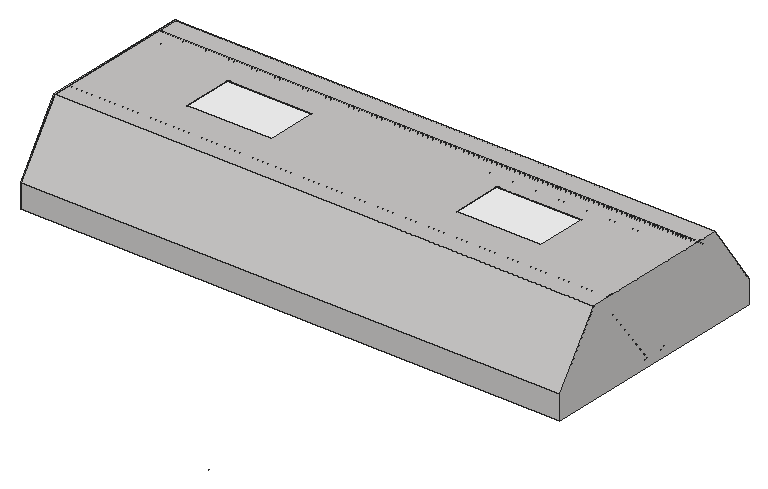
Revit family "QF_ELECTROLUXPROFESSIONAL_642350_BC1432DT", category Attrezzature speciali, Revit 2021
Family settings
  Quota connettore circolare = Usa diametro
  Tipo di parte = Normale
  Basato su piano di lavoro = No
  Sempre verticale = Sì
  Taglio con vuoti quando caricato = No
  Condiviso = No
  Punto di calcolo locali = No
Parameters (values of type "Standard")
  Weight = 94.00 kg
  Watts = 0 W
  Volts = 0 V
  URL Manufacturer = "https://www.electroluxprofessional.com/"
  URL = "https://www.electroluxprofessional.com/"
  Steam Supply Size = 0 mm
  Steam Supply Minimum Pressure = 0.0 Pa
  Steam Supply Maximum Pressure = 0.0 Pa
  Steam Consumption per Hour = 0
  Refrigeration Suction Line Size = 0 mm
  Refrigeration Liquid Line Size = 0 mm
  Refrigerant Compressor Remote = yes
  Prospetto di default = 0 mm
  Produttore = "Electrolux Professional"
  Phase = 0
  Modello = "BC1432DT"
  Length Actual = 3200 mm  # constant formula
  Item Number = "642350"
  Hot Water Size = 0 mm
  Height Actual = 500 mm  # constant formula
  HP = "0 HP"
  Gas Size = 0 mm
  Gas KW = 0
  Gas Input Pressure = 0 W
  Direct Waste Size = 0 mm
  Descrizione = "304 S/S ISLAND HOOD+FILTERS 3200X1400MM"
  Depth Actual = 1400 mm  # constant formula
  Cycle = 0 Hz
  Condensate Return Size = 0 mm
  Compressed Air Volume = 0.0 L/s
  Compressed Air Size = 0 mm
  Compressed Air Pressure = 0.0 Pa
  Cold Water Size = 0 mm
  Accessory = yes
Reference planes
  plane 1: z = 0
  plane 2 "Center (Left/Right)": x = 150
  plane 3 "LEFT": x = -1450
  plane 4 "RIGHT": x = 1750
  plane 5 "BACK": y = 550
  plane 6 "TOP": z = 2500
  plane 7 "Base": z = 2000
  plane 8: z = 1946
  plane 9: x = -1447
  plane 10 "DrainX": x = 1599
  plane 11 "AOLeft2": x = -400
  plane 12 "AORight1": x = 700
  plane 13: x = 1747
  plane 14: x = -1250
  plane 15: x = 1550
  plane 16: x = 50
  plane 17: x = 250
  plane 18 "AOLeft1": x = -900
  plane 19 "AORight2": x = 1200
  plane 20: y = 0
  plane 21: y = -300
  plane 22 "Center (Front/Back)": y = -150
  plane 23: y = -850
  plane 24: through (0, -201.379, 2046.209) normal (0, 0.8019, 0.5974)
  plane 25: through (0, -98.621, 2046.209) normal (0, 0.8019, -0.5974)
  plane 26: z = 2140
Forms (mm)
  Extrusion 1, solid, material "QF_Finishes_Stainless Steel"
    sketch origin (-1450, 0, 360) x (0, 1, 0) y (0, 0, 1)
      loop
        line (550, 1640) -> (550, 1780) -> (299.446, 2140) -> (-599.446, 2140) -> (-850, 1780) -> (-850, 1640) -> (550, 1640)
    from 0 to 3
  Extrusion 2, solid, material "QF_Finishes_Stainless Steel"
    sketch origin (1750, 0, 360) x (0, 1, 0) y (0, 0, 1)
      loop
        line (550, 1640) -> (550, 1780) -> (299.446, 2140) -> (-599.446, 2140) -> (-850, 1780) -> (-850, 1640) -> (550, 1640)
    from 0 to -3
  Extrusion 3, solid, material "QF_Finishes_Stainless Steel"
    sketch origin (150, 0, 360) x (0, 1, 0) y (0, 0, 1)
      loop
        line (-599.446, 2140) -> (-850, 1780) -> (-850, 1640) -> (-840, 1640) -> (-840, 1640.8) -> (-849.2, 1640.8) -> (-849.2, 1779.739) -> (-599.025, 2139.19) -> (299.025, 2139.19) -> (549.2, 1779.739) -> (549.2, 1640.8) -> (540, 1640.8) -> (540, 1640) -> (550, 1640) -> (550, 1780) -> (299.446, 2140) -> (-599.446, 2140)
    from -1600 to 1600
  Extrusion 4, void
    sketch origin (0, 0, 2500) x (0, 1, 0) y (-1, 0, 0)
      loop
        line (0, 400) -> (0, 900) -> (-300, 900) -> (-300, 400) -> (0, 400)
    from 0 to -10
  Extrusion 5, solid, material "QF_Finishes_Stainless Steel"
    sketch origin (0, 0, 0) x (1, 0, 0) y (0, 1, 0)
      loop
        line (-1450, 550) -> (-1450, 549) -> (-1449, 549) -> (-1449, 550) -> (-1450, 550)
    from 0 to 1
  Extrusion 6, solid, material "QF_Finishes_Stainless Steel"
    sketch origin (150, -400, 360) x (0, 1, 0) y (0, 0, 1)
      loop
        line (-98.883, 2085.553) -> (198.621, 1686.209) -> (214.66, 1698.157) -> (-82.844, 2097.501) -> (-98.883, 2085.553)
      loop
        line (598.883, 2085.553) -> (582.844, 2097.501) -> (285.34, 1698.157) -> (301.379, 1686.209) -> (598.883, 2085.553)
    from -1400 to -1597
  Extrusion 7, solid, material "QF_Finishes_Stainless Steel"
    sketch origin (150, -400, 360) x (0, 1, 0) y (0, 0, 1)
      loop
        arc (316.056, 1704.554) -> (315.455, 1704.706) -> (314.923, 1704.389) r 0.81
        line (314.923, 1704.389) -> (300.465, 1684.991) -> (283.389, 1687.002) -> (286.391, 1712.615) -> (285.593, 1712.708) -> (282.594, 1687.095)
        arc (282.594, 1687.095) -> (282.763, 1686.499) -> (283.305, 1686.197) r 0.81
        line (283.305, 1686.197) -> (300.372, 1684.196)
        arc (300.372, 1684.196) -> (300.787, 1684.257) -> (301.116, 1684.517) r 0.81
        line (301.116, 1684.517) -> (315.564, 1703.911) -> (326.308, 1695.919) -> (300.145, 1660.79) -> (199.855, 1660.79) -> (173.692, 1695.919) -> (184.436, 1703.911) -> (198.884, 1684.517)
        arc (198.884, 1684.517) -> (199.213, 1684.257) -> (199.628, 1684.196) r 0.81
        line (199.628, 1684.196) -> (216.695, 1686.197)
        arc (216.695, 1686.197) -> (217.237, 1686.499) -> (217.406, 1687.095) r 0.81
        line (217.406, 1687.095) -> (214.407, 1712.708) -> (213.609, 1712.615) -> (216.611, 1687.002) -> (199.535, 1684.991) -> (185.077, 1704.389)
        arc (185.077, 1704.389) -> (184.545, 1704.706) -> (183.944, 1704.554) r 0.81
        line (183.944, 1704.554) -> (173.214, 1696.561)
        arc (173.214, 1696.561) -> (172.897, 1696.028) -> (173.049, 1695.427) r 0.81
        line (173.049, 1695.427) -> (199.157, 1660.381)
        arc (199.157, 1660.381) -> (199.5, 1660.093) -> (199.937, 1659.99) r 0.972
        line (199.937, 1659.99) -> (300.049, 1659.99)
        arc (300.049, 1659.99) -> (300.498, 1660.096) -> (300.851, 1660.393) r 1
        line (300.851, 1660.393) -> (326.951, 1695.427)
        arc (326.951, 1695.427) -> (327.103, 1696.028) -> (326.786, 1696.561) r 0.81
        line (326.786, 1696.561) -> (316.056, 1704.554)
      loop
        line (-92.735, 2139.19) -> (-92.735, 2129.205) -> (-117.587, 2110.686)
        arc (-117.587, 2110.686) -> (-117.904, 2110.153) -> (-117.752, 2109.552) r 0.81
        line (-117.752, 2109.552) -> (-84.894, 2065.446) -> (-95.625, 2057.438) -> (-95.147, 2056.796) -> (-84.418, 2064.79)
        arc (-84.418, 2064.79) -> (-84.1, 2065.322) -> (-84.252, 2065.923) r 0.81
        line (-84.252, 2065.923) -> (-117.117, 2110.038) -> (-91.935, 2128.798) -> (-91.935, 2138.4) -> (-62.776, 2138.4) -> (-62.776, 2070.563) -> (-61.976, 2069.49) -> (-61.976, 2139.19) -> (-92.735, 2139.19)
      loop
        line (592.735, 2139.19) -> (561.976, 2139.19) -> (561.976, 2069.49) -> (562.776, 2070.563) -> (562.776, 2138.4) -> (591.935, 2138.4) -> (591.935, 2128.798) -> (617.117, 2110.038) -> (584.252, 2065.923)
        arc (584.252, 2065.923) -> (584.1, 2065.322) -> (584.418, 2064.79) r 0.81
        line (584.418, 2064.79) -> (595.147, 2056.796) -> (595.625, 2057.438) -> (584.894, 2065.446) -> (617.752, 2109.552)
        arc (617.752, 2109.552) -> (617.904, 2110.153) -> (617.587, 2110.686) r 0.81
        line (617.587, 2110.686) -> (592.735, 2129.205) -> (592.735, 2139.19)
    from -1597 to 1597
  Extrusion 8, solid, material "QF_Finishes_Stainless Steel"
    sketch origin (150, -400, 360) x (0, 1, 0) y (0, 0, 1)
      loop
        line (-98.883, 2085.553) -> (198.621, 1686.209) -> (214.66, 1698.157) -> (-82.844, 2097.501) -> (-98.883, 2085.553)
      loop
        line (598.883, 2085.553) -> (582.844, 2097.501) -> (285.34, 1698.157) -> (301.379, 1686.209) -> (598.883, 2085.553)
    from 1597 to 1400
  Extrusion 9, solid, material "QF_Finishes_Stainless Steel"
    sketch origin (150, -400, 360) x (0, 1, 0) y (0, 0, 1)
      loop
        line (-98.883, 2085.553) -> (198.621, 1686.209) -> (214.66, 1698.157) -> (-82.844, 2097.501) -> (-98.883, 2085.553)
      loop
        line (598.883, 2085.553) -> (582.844, 2097.501) -> (285.34, 1698.157) -> (301.379, 1686.209) -> (598.883, 2085.553)
    from -100 to 100
  Extrusion 10, solid, material "QF_Finished_Chrome"
    sketch origin (150, -400, 360) x (0, 1, 0) y (0, 0, 1)
      loop
        line (-98.883, 2085.553) -> (198.621, 1686.209) -> (214.66, 1698.157) -> (-82.844, 2097.501) -> (-98.883, 2085.553)
      loop
        line (598.883, 2085.553) -> (582.844, 2097.501) -> (285.34, 1698.157) -> (301.379, 1686.209) -> (598.883, 2085.553)
    from -1400 to -100
  Extrusion 11, solid, material "QF_Finished_Chrome"
    sketch origin (150, -400, 360) x (0, 1, 0) y (0, 0, 1)
      loop
        line (-98.883, 2085.553) -> (198.621, 1686.209) -> (214.66, 1698.157) -> (-82.844, 2097.501) -> (-98.883, 2085.553)
      loop
        line (598.883, 2085.553) -> (582.844, 2097.501) -> (285.34, 1698.157) -> (301.379, 1686.209) -> (598.883, 2085.553)
    from 100 to 1400
  Sweep 12, solid, material "QF_Finishes_Stainless Steel"
    path origin (0, 0, 0) x (1, 0, 0) y (0, 1, 0)
      loop
        line (1750, 550) -> (-1450, 550) -> (-1450, -850) -> (1750, -850) -> (1750, 550)
    profile origin (1750, -150, 0) x (1, 0, 0) y (0, 0, 1)
      loop
        line (-3, 2000) -> (-3, 2000.8) -> (-19, 2000.8) -> (-19, 2010) -> (-20, 2010) -> (-20, 2000) -> (-3, 2000)
  Extrusion 13, void
    sketch origin (0, 0, 2500) x (0, 1, 0) y (-1, 0, 0)
      loop
        line (0, -1200) -> (0, -700) -> (-300, -700) -> (-300, -1200) -> (0, -1200)
    from 0 to -10
  Extrusion 14, solid, material "QF_Finishes_Stainless Steel"
    sketch origin (1599, 0, 0) x (0, 1, 0) y (0, 0, 1)
      loop
        arc (-118.5, 1946) -> (-111.429, 1948.929) -> (-108.5, 1956) r 10
        line (-108.5, 1956) -> (-108.5, 2000.8) -> (-191.5, 2000.8) -> (-191.5, 1956)
        arc (-191.5, 1956) -> (-188.571, 1948.929) -> (-181.5, 1946) r 10
        line (-181.5, 1946) -> (-118.5, 1946)
    from -90 to 90
  Extrusion 15, solid, material "QF_Finishes_Stainless Steel"
    sketch origin (0, -1100, 2000) x (0, 1, 0) y (-1, 0, 0)
      loop
        circle (950, -1599) r 6.35
    from -3.799 to 0
Cuts and joins
  Extrusion 4, Extrusion 13 cuts Extrusion 3
  joined: Extrusion 2, Extrusion 3, Sweep 12
Lines and regions (mm)
  symbolic lines, style "SpecialityEquipment", detail levels coarse
    curve 1: line (1750, 550, 2500) -> (-1450, 550, 2500)
    curve 2: line (-1450, 550, 2500) -> (-1450, -850, 2500)
    curve 3: line (1750, -850, 2500) -> (1750, 550, 2500)
    curve 4: line (-1450, 299.446, 0) -> (1750, -599.446, 0)
    curve 5: line (1750, 299.446, 0) -> (-1450.605, -599.446, 0)
  symbolic lines, detail levels coarse
    curve 6: line (-900, -300, 0) -> (-400, -300, 0)
    curve 7: line (-900, 0, 0) -> (-900, -300, 0)
    curve 8: line (-400, 0, 0) -> (-900, 0, 0)
    curve 9: line (-400, -300, 0) -> (-400, 0, 0)
    curve 10: line (700, 0, 0) -> (700, -300, 0)
    curve 11: line (1200, 0, 0) -> (700, 0, 0)
    curve 12: line (1200, -300, 0) -> (1200, 0, 0)
    curve 13: line (700, -300, 0) -> (1200, -300, 0)
    curve 14: line (-1450.605, -599.446, 0) -> (1750, -599.446, 0)
    curve 15: line (1750, 299.446, 0) -> (-1450, 299.446, 0)
    curve 16: line (-1450, -850, 0) -> (1750, -850, 0)
Dimensions and locks
  plane 3 "LEFT" to plane 4 "RIGHT" = 3200 mm
  equal spacing: plane 3 "LEFT", plane 2 "Center (Left/Right)", plane 4 "RIGHT"
  plane 3 "LEFT" to plane 9 = 3 mm
  plane 10 "DrainX" to plane 4 "RIGHT" = 151 mm
  plane 13 to plane 4 "RIGHT" = 3 mm
  plane 3 "LEFT" to plane 14 = 200 mm
  plane 15 to plane 4 "RIGHT" = 200 mm
  locked: plane 11 "AOLeft2" to plane 12 "AORight1" at 1100
  equal spacing: plane 11 "AOLeft2", plane 2 "Center (Left/Right)", plane 12 "AORight1"
  locked: plane 7 "Base" to level at 2000
  locked: plane 16 to plane 17 at 200
  equal spacing: plane 16, plane 2 "Center (Left/Right)", plane 17
  plane 18 "AOLeft1" to plane 11 "AOLeft2" = 500 mm
  plane 12 "AORight1" to plane 19 "AORight2" = 500 mm
  plane 7 "Base" to plane 8 = 54 mm
  locked: plane 6 "TOP" to plane 7 "Base" at 500
  plane 5 "BACK" to plane 23 = 1400 mm  (x2)
  equal spacing: plane 5 "BACK", plane 22 "Center (Front/Back)", plane 23
  plane 21 to plane 20 = 300 mm
  equal spacing: plane 21, plane 22 "Center (Front/Back)", plane 20
  plane 26 to plane 7 "Base" = 140 mm
  aligned and locked: level to plane 1
  aligned and locked: plane 4 "RIGHT" to Extrusion 3
  aligned and locked: Extrusion 3 to plane 3 "LEFT"
  aligned and locked: Extrusion 6 to plane 9
  aligned and locked: plane 14 to Extrusion 6
  aligned and locked: Extrusion 2 to plane 13
  aligned and locked: plane 13 to Extrusion 8
  aligned and locked: Extrusion 8 to plane 15
  aligned and locked: plane 17 to Extrusion 9
  aligned and locked: Extrusion 9 to plane 16
  aligned and locked: plane 16 to Extrusion 10
  aligned and locked: Extrusion 10 to plane 14
  aligned and locked: Extrusion 11 to plane 17
  aligned and locked: Extrusion 11 to plane 15
  aligned and locked: Extrusion 7 to plane 9
  aligned and locked: plane 13 to Extrusion 7
  aligned and locked: Extrusion 4 to plane 18 "AOLeft1"
  aligned and locked: Extrusion 4 to plane 11 "AOLeft2"
  aligned and locked: plane 12 "AORight1" to Extrusion 13
  aligned and locked: plane 19 "AORight2" to Extrusion 13
  aligned and locked: plane 21 to Extrusion 13
  aligned and locked: plane 21 to Extrusion 4
  aligned and locked: plane 20 to Extrusion 13
  aligned and locked: plane 20 to Extrusion 4
  aligned and locked: curve 6 to Extrusion 4
  aligned and locked: curve 7 to Extrusion 4
  aligned and locked: curve 8 to Extrusion 4
  aligned and locked: curve 9 to Extrusion 4
  aligned and locked: curve 10 to Extrusion 13
  aligned and locked: curve 11 to Extrusion 13
  aligned and locked: curve 12 to Extrusion 13
  aligned and locked: curve 13 to Extrusion 13
Automatic sketch dimensions
  Extrusion 4 sketch curve to plane 11 "AOLeft2" = 0 mm
  Extrusion 4 sketch curve to plane 18 "AOLeft1" = 0 mm
  Extrusion 5 sketch curve to plane 3 "LEFT" = 0 mm
  Extrusion 5 sketch curve to plane 5 "BACK" = 0 mm
  plane 3 "LEFT" to Extrusion 5 sketch curve = 1 mm
  Extrusion 5 sketch curve to Extrusion 5 sketch curve = 1 mm
  Sweep 12 sketch curve to plane 3 "LEFT" = 0 mm
  Sweep 12 sketch curve to plane 4 "RIGHT" = 0 mm
  Sweep 12 sketch curve to plane 5 "BACK" = 0 mm
  profile plane to Sweep 12 sketch curve = 20 mm
  Sweep 12 sketch curve to Sweep 12 sketch curve = 1 mm
  profile plane to Sweep 12 sketch curve = 3 mm
  level to Sweep 12 sketch curve = 2000 mm
  Sweep 12 sketch curve to Sweep 12 sketch curve = 0.8 mm
  Sweep 12 sketch curve to Sweep 12 sketch curve = 9.2 mm
  Extrusion 13 sketch curve to plane 11 "AOLeft2" = 1600 mm
  plane 18 "AOLeft1" to Extrusion 13 sketch curve = 1600 mm
  Extrusion 13 sketch curve to Extrusion 13 sketch curve = 300 mm
  Extrusion 13 sketch curve to plane 20 = 0 mm
  plane 21 to Sweep 12 sketch curve = 550 mm
  plane 21 to Extrusion 4 sketch curve = 0 mm
  Extrusion 4 sketch curve to plane 20 = 0 mm
  Extrusion 15 sketch curve to plane 10 "DrainX" = 0 mm
  Extrusion 15 sketch curve to plane 22 "Center (Front/Back)" = 0 mm
  Extrusion 14 sketch curve to plane 8 = 0 mm
  plane 8 to Extrusion 14 sketch curve = 10 mm
  Extrusion 14 sketch curve to plane 22 "Center (Front/Back)" = 41.5 mm
  plane 22 "Center (Front/Back)" to Extrusion 14 sketch curve = 31.5 mm
  plane 7 "Base" to Extrusion 14 sketch curve = 0.8 mm
  plane 22 "Center (Front/Back)" to Extrusion 14 sketch curve = 41.5 mm
  plane 21 to Extrusion 6 sketch curve = 198.883 mm
  Extrusion 6 sketch curve to plane 6 "TOP" = 42.499 mm  (x2)
  Extrusion 6 sketch curve to Extrusion 6 sketch curve = 16.039 mm  (x2)
  Extrusion 6 sketch curve to plane 22 "Center (Front/Back)" = 51.379 mm
  plane 22 "Center (Front/Back)" to Extrusion 6 sketch curve = 35.34 mm
  plane 20 to Extrusion 6 sketch curve = 182.844 mm
  Extrusion 6 sketch curve to Extrusion 6 sketch curve = 11.948 mm  (x2)
  Extrusion 7 sketch curve to plane 6 "TOP" = 30.448 mm  (x2)
  plane 21 to Extrusion 7 sketch curve = 217.752 mm
  Extrusion 7 sketch curve to plane 6 "TOP" = 29.314 mm  (x2)
  Extrusion 7 sketch curve to Extrusion 7 sketch curve = 0.166 mm  (x3)
  Extrusion 7 sketch curve to plane 6 "TOP" = 29.962 mm  (x2)
  Extrusion 7 sketch curve to Extrusion 7 sketch curve = 0.47 mm  (x2)
  Extrusion 7 sketch curve to Extrusion 7 sketch curve = 0.014 mm  (x2)
  Extrusion 7 sketch curve to plane 6 "TOP" = 82.562 mm  (x2)
  Extrusion 7 sketch curve to Extrusion 7 sketch curve = 22.127 mm
  Extrusion 7 sketch curve to plane 6 "TOP" = 83.204 mm  (x2)
  Extrusion 7 sketch curve to Extrusion 7 sketch curve = 0.478 mm  (x5)
  Extrusion 7 sketch curve to plane 6 "TOP" = 0.81 mm  (x2)
  Extrusion 7 sketch curve to Extrusion 7 sketch curve = 24.852 mm
  Extrusion 7 sketch curve to Extrusion 7 sketch curve = 0.8 mm  (x5)
  Extrusion 7 sketch curve to Extrusion 7 sketch curve = 10.724 mm
  Extrusion 7 sketch curve to plane 6 "TOP" = 74.554 mm  (x2)
  Extrusion 7 sketch curve to Extrusion 7 sketch curve = 0.008 mm  (x6)
  Extrusion 7 sketch curve to plane 6 "TOP" = 75.21 mm  (x2)
  Extrusion 7 sketch curve to plane 6 "TOP" = 74.077 mm  (x2)
  Extrusion 7 sketch curve to Extrusion 7 sketch curve = 0.642 mm  (x2)
  Extrusion 7 sketch curve to plane 6 "TOP" = 69.437 mm  (x2)
  Extrusion 7 sketch curve to Extrusion 7 sketch curve = 21.476 mm  (x2)
  Extrusion 7 sketch curve to plane 21 = 73.049 mm
  Extrusion 7 sketch curve to Extrusion 7 sketch curve = 0.006 mm  (x4)
  Extrusion 7 sketch curve to Extrusion 7 sketch curve = 10.73 mm  (x3)
  Extrusion 7 sketch curve to Extrusion 7 sketch curve = 0.484 mm  (x4)
  Extrusion 7 sketch curve to Extrusion 7 sketch curve = 0.641 mm  (x2)
  Extrusion 7 sketch curve to Extrusion 7 sketch curve = 14.448 mm
  plane 7 "Base" to Extrusion 7 sketch curve = 20.381 mm
  Extrusion 7 sketch curve to Extrusion 7 sketch curve = 0.273 mm
  Extrusion 7 sketch curve to Extrusion 7 sketch curve = 0.65 mm  (x2)
  Extrusion 7 sketch curve to Extrusion 7 sketch curve = 0.001 mm  (x4)
  Extrusion 7 sketch curve to Extrusion 7 sketch curve = 0.093 mm  (x2)
  plane 7 "Base" to Extrusion 7 sketch curve = 20.79 mm
  Extrusion 7 sketch curve to Extrusion 7 sketch curve = 0.698 mm
  Extrusion 7 sketch curve to Extrusion 7 sketch curve = 0.081 mm
  Extrusion 7 sketch curve to Extrusion 7 sketch curve = 28.531 mm
  Extrusion 7 sketch curve to Extrusion 7 sketch curve = 0.799 mm  (x2)
  Extrusion 7 sketch curve to Extrusion 7 sketch curve = 17.067 mm  (x2)
  Extrusion 7 sketch curve to Extrusion 7 sketch curve = 0.01 mm  (x4)
  Extrusion 7 sketch curve to Extrusion 7 sketch curve = 0.094 mm
  Extrusion 7 sketch curve to Extrusion 7 sketch curve = 0.795 mm  (x2)
  plane 22 "Center (Front/Back)" to Extrusion 7 sketch curve = 32.594 mm
  Extrusion 7 sketch curve to Extrusion 7 sketch curve = 0.71 mm
  Extrusion 7 sketch curve to Extrusion 7 sketch curve = 2.998 mm
  Extrusion 7 sketch curve to Extrusion 7 sketch curve = 16.745 mm
  Extrusion 7 sketch curve to Extrusion 7 sketch curve = 0.095 mm
  plane 7 "Base" to Extrusion 7 sketch curve = 20.393 mm
  Extrusion 7 sketch curve to Extrusion 7 sketch curve = 0.707 mm
  Extrusion 7 sketch curve to Extrusion 7 sketch curve = 0.651 mm
  Extrusion 7 sketch curve to Extrusion 7 sketch curve = 14.456 mm
  Extrusion 7 sketch curve to plane 6 "TOP" = 70.51 mm  (x2)
  plane 20 to Extrusion 7 sketch curve = 161.976 mm
  Extrusion 7 sketch curve to plane 6 "TOP" = 1.6 mm
  Extrusion 7 sketch curve to Extrusion 7 sketch curve = 29.159 mm
  Extrusion 7 sketch curve to Extrusion 7 sketch curve = 24.368 mm
  Extrusion 7 sketch curve to Extrusion 7 sketch curve = 0.636 mm
  Extrusion 7 sketch curve to Extrusion 7 sketch curve = 23.206 mm
  Extrusion 7 sketch curve to Extrusion 7 sketch curve = 23.234 mm
  Extrusion 7 sketch curve to Extrusion 7 sketch curve = 0.321 mm  (x2)
  Extrusion 7 sketch curve to Extrusion 7 sketch curve = 2.001 mm  (x2)
  Extrusion 7 sketch curve to Extrusion 7 sketch curve = 0.804 mm  (x2)
  Extrusion 7 sketch curve to Extrusion 7 sketch curve = 10.911 mm  (x2)
  Extrusion 7 sketch curve to Extrusion 7 sketch curve = 7.993 mm  (x2)
  Extrusion 7 sketch curve to Extrusion 7 sketch curve = 25.613 mm  (x2)
  Extrusion 7 sketch curve to Extrusion 7 sketch curve = 0.407 mm  (x2)
  Extrusion 7 sketch curve to Extrusion 7 sketch curve = 0.79 mm
  Extrusion 3 sketch curve to plane 7 "Base" = 0 mm  (x2)
  Extrusion 3 sketch curve to plane 23 = 0 mm
  Extrusion 3 sketch curve to plane 5 "BACK" = 0 mm
  plane 23 to Extrusion 3 sketch curve = 0.8 mm
  plane 7 "Base" to Extrusion 3 sketch curve = 0.8 mm  (x2)
  Extrusion 3 sketch curve to Extrusion 3 sketch curve = 9.2 mm
  plane 23 to Extrusion 3 sketch curve = 250.554 mm
  Extrusion 3 sketch curve to Extrusion 3 sketch curve = 0.421 mm  (x2)
  Extrusion 3 sketch curve to plane 6 "TOP" = 0.81 mm
  Extrusion 3 sketch curve to plane 5 "BACK" = 250.975 mm
  Extrusion 3 sketch curve to plane 5 "BACK" = 10 mm
  Extrusion 3 sketch curve to plane 5 "BACK" = 0.8 mm
  Extrusion 3 sketch curve to Extrusion 3 sketch curve = 138.939 mm  (x2)
  Extrusion 3 sketch curve to Extrusion 3 sketch curve = 0.261 mm  (x2)
  Extrusion 3 sketch curve to plane 6 "TOP" = 0 mm
  Extrusion 1 sketch curve to plane 7 "Base" = 0 mm
  Extrusion 1 sketch curve to plane 23 = 0 mm
  Extrusion 1 sketch curve to plane 6 "TOP" = 0 mm
  Extrusion 1 sketch curve to plane 5 "BACK" = 0 mm
  Extrusion 1 sketch curve to plane 5 "BACK" = 250.554 mm
  plane 7 "Base" to Extrusion 1 sketch curve = 140 mm
  Extrusion 1 sketch curve to Extrusion 1 sketch curve = 140 mm
  plane 23 to Extrusion 1 sketch curve = 250.554 mm
  plane 21 to Extrusion 10 sketch curve = 198.883 mm
  Extrusion 10 sketch curve to plane 6 "TOP" = 42.499 mm  (x2)
  Extrusion 10 sketch curve to Extrusion 10 sketch curve = 16.039 mm  (x2)
  Extrusion 10 sketch curve to plane 22 "Center (Front/Back)" = 51.379 mm
  plane 22 "Center (Front/Back)" to Extrusion 10 sketch curve = 35.34 mm
  plane 20 to Extrusion 10 sketch curve = 182.844 mm
  Extrusion 10 sketch curve to Extrusion 10 sketch curve = 11.948 mm  (x2)
  plane 21 to Extrusion 9 sketch curve = 198.883 mm
  Extrusion 9 sketch curve to plane 6 "TOP" = 42.499 mm  (x2)
  Extrusion 9 sketch curve to Extrusion 9 sketch curve = 16.039 mm  (x2)
  Extrusion 9 sketch curve to plane 22 "Center (Front/Back)" = 51.379 mm
  plane 22 "Center (Front/Back)" to Extrusion 9 sketch curve = 35.34 mm
  plane 20 to Extrusion 9 sketch curve = 182.844 mm
  Extrusion 9 sketch curve to Extrusion 9 sketch curve = 11.948 mm  (x2)
  plane 21 to Extrusion 11 sketch curve = 198.883 mm
  Extrusion 11 sketch curve to plane 6 "TOP" = 42.499 mm  (x2)
  Extrusion 11 sketch curve to Extrusion 11 sketch curve = 16.039 mm  (x2)
  Extrusion 11 sketch curve to plane 22 "Center (Front/Back)" = 51.379 mm
  plane 22 "Center (Front/Back)" to Extrusion 11 sketch curve = 35.34 mm
  plane 20 to Extrusion 11 sketch curve = 182.844 mm
  Extrusion 11 sketch curve to Extrusion 11 sketch curve = 11.948 mm  (x2)
  plane 21 to Extrusion 8 sketch curve = 198.883 mm
  Extrusion 8 sketch curve to plane 6 "TOP" = 42.499 mm  (x2)
  Extrusion 8 sketch curve to Extrusion 8 sketch curve = 16.039 mm  (x2)
  Extrusion 8 sketch curve to plane 22 "Center (Front/Back)" = 51.379 mm
  plane 22 "Center (Front/Back)" to Extrusion 8 sketch curve = 35.34 mm
  plane 20 to Extrusion 8 sketch curve = 182.844 mm
  Extrusion 8 sketch curve to Extrusion 8 sketch curve = 11.948 mm  (x2)
  Extrusion 2 sketch curve to plane 7 "Base" = 0 mm
  Extrusion 2 sketch curve to plane 23 = 0 mm
  Extrusion 2 sketch curve to plane 6 "TOP" = 0 mm
  Extrusion 2 sketch curve to plane 5 "BACK" = 0 mm
  Extrusion 2 sketch curve to plane 26 = 0 mm  (x2)
  Extrusion 2 sketch curve to plane 5 "BACK" = 250.554 mm
  plane 23 to Extrusion 2 sketch curve = 250.554 mm
  curve 2 to plane 3 "LEFT" = 0 mm
  curve 2 to plane 23 = 0 mm
  curve 3 to plane 4 "RIGHT" = 0 mm
  curve 3 to plane 23 = 0 mm
  curve 2 to plane 5 "BACK" = 0 mm
  curve 15 to plane 3 "LEFT" = 0 mm
  curve 16 to plane 3 "LEFT" = 0 mm
  curve 14 to plane 4 "RIGHT" = 0 mm
  curve 15 to plane 4 "RIGHT" = 0 mm
  curve 16 to plane 4 "RIGHT" = 0 mm
  curve 16 to plane 23 = 0 mm
  curve 14 to plane 3 "LEFT" = 0.605 mm
  plane 23 to curve 4 = 250.554 mm
  curve 15 to plane 5 "BACK" = 250.554 mm
  radius of Extrusion 15 sketch curve = 6.35 mm
Connectors
  hvac at (-650, -150, 2500)
    settings: on Extrusion 4, index 2, duct flow 0.0 L/s, flow factor 0, pres drop 0.0 Pa, loss coef 0, conn angle 0.00°, conn width 300 mm, conn height 500 mm, conn diameter 609.6 mm, duct sys type 3, conn prof type 1, flow config 1, flow direction 2, loss method 0, conn ref index -1, conn util no, is conn primary yes, conn desc "EXHAUST OUTLET"
  hvac at (950, -150, 2500)
    settings: on Extrusion 13, index 3, duct flow 0.0 L/s, flow factor 0, pres drop 0.0 Pa, loss coef 0, conn angle 0.00°, conn width 300 mm, conn height 500 mm, conn diameter 609.6 mm, duct sys type 3, conn prof type 1, flow config 1, flow direction 2, loss method 0, conn ref index -1, conn util no, is conn primary no, conn desc "EXHAUST OUTLET"
  piping at (1599, -150, 1996.201), diameter 12.7
    settings: on Extrusion 15, index 4, connector inside diameter 609.6 mm, connector length 0 mm, flow factor 0, pipe flow 0.0 L/s, pressure drop 0.0 Pa, fitting loss kfactor 0, connector angle 0.00°, fixture units 0, engagement length 0 mm, angle of deflection 0.00°, flow configuration 1, flow direction 2, fitting loss method 0, system type 16, joint type 0, gender type 0, connector reference index -1, connector utility 0, adjustable connector no, is connector primary yes, connector description "Drain"
